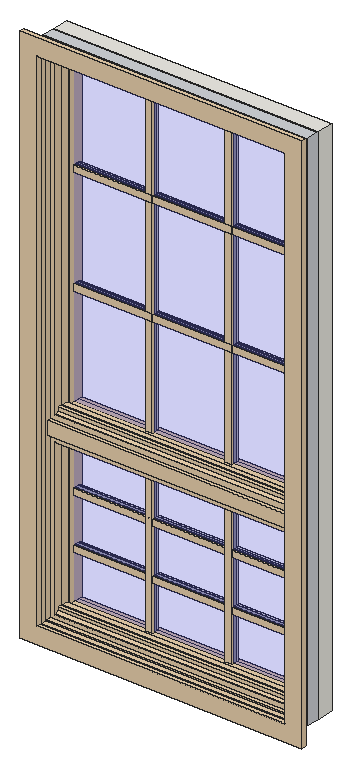
Revit family "1 Window-Awning-Andersen-400_Series_Stacked", category Windows, host Wall, Revit 2014
Parameters
  XPanelWidth = Width - 0' 0 31/32"  # 2' - 11 1/32"
  XPanelHeight = Height - if(AXW312 = 1, 3' 0 7/8", 2' 1 145/256")  # 3' - 10 15/256"
  XJoin = if(AXW312 = 1, 2' 11 25/32", 2' 0 15/32")  # 2' - 0 15/32"
  XBottomPanelHeight = if(AXW312 = 1, Height - 3' 0 7/8", 1' 11 15/32")  # 1' - 11 15/32"
  Visual Light Transmittance = 0.48  # constant formula
  Thermal Resistance (R) = 0.62871  # 3.5700 (h·ft²·°F)/BTU
  TFL = if(Fractional Lights High > 5, 3, if(or(Fractional Lights High = 4, Fractional Lights High = 5), 2, if(or(Fractional Lights High = 2, Fractional Lights High = 3), 1, 1)))  # 2
  TFB = TFL - 1  # 1
  Solar Heat Gain Coefficient = 0.21  # constant formula
  Learn About These Parameters = "http://www.andersenwindows.com/for-professionals/cad-symbols-bim-support-window-doors/bim-support"
  LWide = if(Enter Pattern Number = 3, 3, if(Enter Pattern Number = 1, . . Lights Wide, Fractional Lights Wide))  # 3
  Heat Transfer Coefficient (U) = 1.5899  # 0.2800 BTU/(h·ft²·°F)
  Glazing Material = Glass ‐ Andersen - Low-E4 SmartSun
  Fractional Lights Wide = 3
  Fractional Lights High = 5
  Exterior Unit Finish = Vinyl - Andersen - White
  Enter Jamb Condition = 1
  Analytic Construction = "<None>"
  AXW312 = 0
  ..Jamb Condition Number 1 = "Extension Jamb Only"  # constant formula
  ..Jamb Condition Number 2 = "Narrow Drywall Return"  # constant formula
  ..Jamb Condition Number 3 = "Wide Drywall Return"  # constant formula
  Available Grille Bar Sizes = "3/4'', 7/8'', 1 1/8'', 2 1/4''"  # constant formula
  Between Glass Grille Bar Sizes = "3/4'', 1''"  # constant formula
  Interior Casing = yes
  Grille Bar Size = 0' - 0 7/8"
  Enter Pattern Number = 1
  ..Pattern Number 1 = "Colonial"  # constant formula
  . . Lights Wide = 3
  . . Lights High = 3
  ..Pattern Number 2 = "Modified Colonial"  # constant formula
  ..Pattern Number 3 = "Prairie"  # constant formula
  ..Pattern Number 4 = "Short Fractional"  # constant formula
  ..Pattern Number 5 = "Tall Fractional"  # constant formula
  Extension Jamb = yes
  Enter Exterior Trim Number = 0
  ..Exterior Trim Number 0 = "No Exterior Trim"  # constant formula
  ..Exterior Trim Number 1 = "Brick Mould"  # constant formula
  ..Exterior Trim Number 2 = "3 1/2'' Flat Casing"  # constant formula
  ..Exterior Trim Number 3 = "4 1/2'' Flat Casing"  # constant formula
  Interior Grille Bar = yes
  Exterior Grille Bar = yes
  Between Glass Grille Bar = yes
  xjamb Visibility [instance] = and(and(Enter Jamb Condition = 1, Wall Depth > 0' 2 7/8"), Extension Jamb)  # yes
  xjamb S1 [instance] = if(Wall Depth > 0' 3", Wall Depth - 0' 2 27/32", 0' 3")  # 0' - 1 23/32"
  sill nose1 = 0' - 1 13/16"  # constant formula
  sill nose 2 = 0' - 1 15/16"  # constant formula
  casingS2 = if(Enter Exterior Trim Number = 1, 0' 0 3/16", 0' 0 3/16")  # 0' - 0 3/16"
  casingS1 = if(Enter Exterior Trim Number = 1, 0' 0 7/16", 0' 0 3/16")  # 0' - 0 3/16"
  casing4 = if(Enter Exterior Trim Number = 1, 0' 1 3/4", if(Enter Exterior Trim Number = 2, 0' 3 1/4", 0' 4 1/4"))  # 0' - 4 1/4"
  casing3 = 0' - 0 1/2"  # constant formula
  casing2 = 0' - 0 7/8"  # constant formula
  casing1 = 0' - 0 1/4"  # constant formula
  Xjamb 2 = if(or(Enter Jamb Condition = 2, Enter Jamb Condition = 3), 0' 0 1/32", 0' 0 1/2")  # 0' - 0 1/2"
  Xjamb 1 = if(or(Enter Jamb Condition = 2, Enter Jamb Condition = 3), 0' 0 5/8", 0' 1 3/32")  # 0' - 1 3/32"
  Wall Thickness [instance] = 0' - 6"
  Wall Depth [instance] = 0' - 4 9/16"
  Void Offset 2 = if(Enter Exterior Trim Number > 0, 0' 1 15/16", 0' 0")  # 0' - 0"
  Void Offset 1 = if(Enter Exterior Trim Number > 0, casing4, 0' 0")  # 0' - 0"
  Void Depth [instance] = if(Wall Thickness > Wall Depth, 0' 1" + Wall Thickness - Wall Depth, 0' 1")  # 0' - 2 7/16"
  VeriLock Sensor [instance] = no
  VGB DLO = if(Enter Pattern Number = 3, 0' 4", (H DLO - (Grille Bar Size * (V Bars))) / if(LWide > 2, LWide, 3))  # 0' - 9.91667"
  V Bars = if(Enter Pattern Number = 3, 2, if(LWide > 2, LWide - 1, 2))  # 2
  URL = "www.andersenwindows.com"
  Type Comments = "Vinyl-clad wood awning window"
  TS V DLO = Height - HGO - SGO  # 5' - 7"
  TS V Bar Length = if(or(Enter Pattern Number = 5, Enter Pattern Number = 2), ((((Height - HGO - SGO - (Grille Bar Size * (Fractional Lights High - 1))) / Fractional Lights High)) * TFL) + (TFB * Grille Bar Size), if(Enter Pattern Number = 4, ((Height - HGO - SGO - (Grille Bar Size * (Fractional Lights High - 1))) / Fractional Lights High), Height - HGO - SGO))  # 5' - 7"
  TS SH DLO = if(or(Enter Pattern Number = 5, Enter Pattern Number = 2), ((((Height - HGO - SGO - (Grille Bar Size * (Fractional Lights High - 1))) / Fractional Lights High)) * TFL) + (TFB * Grille Bar Size) + HGO + (Grille Bar Size / 2), if(Enter Pattern Number = 4, TS V Bar Length + HGO + (Grille Bar Size / 2), (TS V DLO / 2) + HGO))  # 2' - 11 7/8"
  TS S V = or(and(LWide = 2, Enter Pattern Number = 1), and(Fractional Lights Wide = 2, or(or(Enter Pattern Number = 2, Enter Pattern Number = 4), Enter Pattern Number = 5)))  # no
  TS S H Craftsman = and(Enter Pattern Number = 2, or(Fractional Lights High = 4, Fractional Lights High = 5))  # no
  TS S H = or(or(or(and(. . Lights High = 2, Enter Pattern Number = 1), and(Enter Pattern Number = 4, Fractional Lights High > 1)), and(Enter Pattern Number = 5, Fractional Lights High > 1)), and(Enter Pattern Number = 2, Fractional Lights High > 1))  # no
  TS M V = LWide > 2  # yes
  TS M H = or(or(Enter Pattern Number = 3, and(. . Lights High > 2, Enter Pattern Number = 1)), and(Enter Pattern Number = 2, Fractional Lights High > 5))  # yes
  TS HGB DLO = if(Enter Pattern Number = 1, if(. . Lights High > 2, ((TS V Bar Length - (Grille Bar Size * (. . Lights High - 1))) / . . Lights High), 0' 4"), if(Enter Pattern Number = 3, 0' 4", if(Fractional Lights High > 2, ((TS V Bar Length - (Grille Bar Size * 2)) / 3), 0' 4")))  # 1' - 9 3/4"
  TS H Bars = if(Enter Pattern Number = 3, 2, if(Enter Pattern Number = 1, if(. . Lights High > 2, . . Lights High - 1, 2), 2))  # 2
  Step Visibility = or(Enter Jamb Condition = 2, Enter Jamb Condition = 3)  # no
  Step Jamb2 = if(Enter Jamb Condition = 2, 0' 0 1/4", 0' 0 13/16")  # 0' - 0 13/16"
  Step Jamb1 = 0' - 1 1/8"  # constant formula
  Sill Stop Dim [instance] = 0' - 2 1/2"
  SGO = 0' - 2 1/4"  # constant formula
  Rough Width = Width + (Rough Opening Offset * 2)  # 3' - 0 1/2"
  Rough Opening Offset = 0' - 0 1/4"
  Rough Height = Height + (Rough Opening Offset * 2)  # 6' - 0 1/8"
  Push Out Stop Visibility [instance] = no
  Product Documentation Link = "https://www.andersenwindows.com/windows-and-doors/windows/awning-windows/400-series-awning-window/"
  Plan Exterior Mask Visibility [instance] = Plan Exterior Mask 2 > 0' 0 1/32"  # yes
  Plan Exterior Mask 2 [instance] = if(Enter Exterior Trim Number > 0, if(Wall Depth + 0' 1 1/16" + casingS1 > Wall Thickness, 0' 0 1/32", Wall Thickness - Wall Depth - 0' 1 1/16" - casingS1), if(Wall Depth + 0' 1 1/16" > Wall Thickness, 0' 0 1/32", Wall Thickness - Wall Depth - 0' 0 1/16"))  # 0' - 1 3/8"
  Plan Exterior Mask [instance] = if(Enter Exterior Trim Number > 0, 0' 1 1/16" + casingS1, 0' 1 1/16")  # 0' - 1 1/16"
  Nail Fin Visibility = Enter Exterior Trim Number = 0  # yes
  Model = "400-Series Awning"  # constant formula
  Masonry Width = if(Enter Exterior Trim Number > 0, Width + ((casing4 + Masonry Opening Offset) * 2), Width + (Masonry Opening Offset * 2))  # 3' - 0 1/2"
  Masonry Opening Offset = 0' - 0 1/4"
  Masonry Height = if(Enter Exterior Trim Number > 0, Height + (casing4 + Masonry Opening Offset) + (sill nose 2 + Masonry Opening Offset), Height + (Masonry Opening Offset * 2))  # 6' - 0 1/8"
  Manufacturer = "Andersen Corporation"  # constant formula
  JGO = 0' - 2 1/4"  # constant formula
  Interior Trim Visibility = and(Enter Jamb Condition = 1, Interior Casing)  # yes
  Interior Material = Wood - Andersen - Pine
  Interior Casing Size = 0' - 2 1/4"
  Horizontal Craftsman Bar Size = 0' - 0 7/8"
  Height = 5' - 11 5/8"
  Head Stop Dim [instance] = 0' - 2 17/64"
  HGO = 0' - 2 3/8"  # constant formula
  H DLO = Width - (JGO * 2)  # 2' - 7 1/2"
  Family Version = "01.01.19"  # constant formula
  Exterior Trim Finish = Fibrex Composite - Andersen - White
  Designation = "CMT"
  Description = "Vinyl-clad wood awning window"  # constant formula
  Default Sill Height = 6' 10 1/2" - Rough Height  # 0' - 10 3/8"
  Wall Closure = By host
  Width = 3' - 0"
  Crank Out Stop Visibility [instance] = yes
  Coarse Plan [instance] = if(Wall Depth < Wall Thickness, Wall Depth, Wall Thickness)  # 0' - 4 9/16"
  Casing Visibility = Enter Exterior Trim Number > 0  # no
  Between Glass Grille Bar Finish = Stainless Steel - Andersen - Standard
  Bar Center Line = if(Enter Pattern Number = 3, 1, 2)  # 2
  Assembly Code = "B2020100"
Reference planes (in)
  plane 1 "Center (Front/Back)": y = 0
  plane 2: z = 0
  plane 3 "Center (Left/Right)": x = 0
  plane 4 "R Frame": x = -18
  plane 5 "L Frame": x = 18
  plane 6 "B Frame": z = 10.625
  plane 7 "T Frame": z = 82.25
  plane 8 "L Glazing": x = 15.75
  plane 9 "L Ext Frame": x = 17.514
  plane 10 "L Stop": x = 16
  plane 11 "L Xjamb 1": x = 16.90625
  plane 12 "L Casing 1": x = 17.75
  plane 13 "L Xjamb 2": x = 17.5
  plane 14 "L Rough Opening": x = 18.25
  plane 15 "L Casing 2": x = 21.375
  plane 16 "L Casing 3": x = 21.75
  plane 17 "L Casing 4": x = 22.25
  plane 18 "R Glazing": x = -15.75
  plane 19 "R Ext Frame": x = -17.514
  plane 20 "R Stop": x = -16
  plane 21 "R Xjamb 1": x = -16.90625
  plane 22 "R Casing 1": x = -17.75
  plane 23 "R Xjamb 2": x = -17.5
  plane 24 "R Rough Opening": x = -18.25
  plane 25 "R Casing 2": x = -21.375
  plane 26 "R Casing 3": x = -21.75
  plane 27 "R Casing 4": x = -22.25
  plane 28 "R Int Casing": x = -19.15625
  plane 29 "T Ext Frame": z = 81.597
  plane 30 "T Xjamb 1": z = 81.15625
  plane 31 "T Casing 1": z = 82
  plane 32 "T Xjamb 2": z = 81.75
  plane 33 "T Rough Opening": z = 82.5
  plane 34 "T Casing 2": z = 85.625
  plane 35 "T Casing 3": z = 86
  plane 36 "T Casing 4": z = 86.5
  plane 37 "T Int Casing": z = 83.40625
  plane 38 "B Ext Frame": z = 11.18811
  plane 39 "B Xjamb 2": z = 11.125
  plane 40 "B Casing 1": z = 10.875
  plane 41 "B Casing 2": z = 8.6875
  plane 42 "B Int Casing": z = 9.36
  plane 43 "L Int Casing": x = 19.15625
  plane 44 "Casing S1": y = 3.062
  plane 45 "Casing S2": y = 3.062
  plane 46 "Frame S1": y = 2.8745
  plane 47 "Flange": y = 1.5625
  plane 48 "Sash1 S2": y = 0.5625
  plane 49 "Frame S2": y = -1.2855
  plane 50 "B Xjamb 1": z = 11.61
  plane 51 "Exterior Offset": y = 4
  plane 52 "Interior Casing": y = -3.625
  plane 53 "B Rough Opening": z = 10.375
  plane 54 "R Masonry Opening": x = -22.5
  plane 55 "L Masonry Opening": x = 22.5
  plane 56 "T Masonry Opening": z = 86.75
  plane 57 "B Masonry Opening": z = 8.4375
  plane 58 "Xjamb S1": y = -1.28125
  plane 59 "R Sash": x = -17.42
  plane 60 "L Sash": x = 17.42
  plane 61 "Stop S1": y = -1.4375
  plane 62 "T Sash": z = 81.5
  plane 63 "T Int Frame": z = 81.14
  plane 64 "B Int Frame": z = 11.61
  plane 65 "L Int Frame": x = 16.891
  plane 66 "R Int Frame": x = -16.891
  plane 67 "T Stop": z = 79.98437
  plane 68 "B Stop": z = 13.125
  plane 69 "Center of Intregal Mull": z = 35.09375
Forms (in)
  Extrusion 1, void
    sketch origin (0, 0, 0) x (1, 0, 0) y (0, 0, 1)
      loop
        line (18, 82.25) -> (-18, 82.25) -> (-18, 10.625) -> (18, 10.625) -> (18, 82.25)
    from -1.5625 to 3
  Extrusion 2, void
    sketch origin (0, 0, 0) x (1, 0, 0) y (0, 0, 1)
      loop
        line (18, 82.25) -> (-18, 82.25) -> (-18, 10.625) -> (18, 10.625) -> (18, 82.25)
    from -15 to -1.5625
  Extrusion 3, solid, material "Wood - Andersen - Pine" <- "Interior Material", visible <- "xjamb Visibility", detail levels medium+fine
    sketch origin (0, -2.5625, 0) x (-1, 0, 0) y (0, 0, 1)
      loop
        line (17.5, 81.75) -> (-17.5, 81.75) -> (-17.5, 11.125) -> (17.5, 11.125) -> (17.5, 81.75)
      loop
        line (16.90625, 81.15625) -> (-16.90625, 81.15625) -> (-16.90625, 11.61) -> (16.90625, 11.61) -> (16.90625, 81.15625)
    from 1.28125 to -0.4375
  Extrusion 4, solid, material "Wood - Andersen - Pine" <- "Interior Material", visible <- "Interior Trim Visibility", detail levels fine
    sketch origin (0, -3.625, 0) x (-1, 0, 0) y (0, 0, 1)
      loop
        line (19.15625, 83.40625) -> (-19.15625, 83.40625) -> (-19.15625, 9.36) -> (19.15625, 9.36) -> (19.15625, 83.40625)
      loop
        line (16.90625, 81.15625) -> (-16.90625, 81.15625) -> (-16.90625, 11.61) -> (16.90625, 11.61) -> (16.90625, 81.15625)
    from 0 to 0.625
  Extrusion 5, solid, material "Fibrex Composite - Andersen - White" <- "Exterior Trim Finish", visible <- "Casing Visibility", detail levels medium+fine
    sketch origin (0, 0, 0) x (0, 1, 0) y (0, 0, 1)
      loop
        line (2.31163, 10.625) -> (1.5625, 10.625) -> (1.5625, 8.6875) -> (3.375, 8.6875) -> (3.375, 10.4375) -> (2.31163, 10.625)
    from -22.25 to 22.25
  Sweep 6, solid, material "Fibrex Composite - Andersen - White" <- "Exterior Trim Finish", visible <- "Casing Visibility", detail levels medium+fine
    path origin (0, 1.5625, 0) x (-1, 0, 0) y (0, 0, 1)
      loop
        line (-22.25, 8.6875) -> (-22.25, 86.5) -> (22.25, 86.5) -> (22.25, 8.6875)
    profile origin (22.25, 1.5625, 47.59375) x (1, 0, 0) y (0, 1, 0)
      loop
        line (-0.875, 1.4995) -> (-4.5, 1.4995) -> (-4.5, 0) -> (0, 0) -> (0, 1.4995) -> (-0.5, 1.4995) -> (-0.875, 1.4995)
  Extrusion 7, solid, material "Fibrex Composite - Andersen - White" <- "Exterior Trim Finish", visible <- "Casing Visibility", detail levels coarse
    sketch origin (0, 1.5625, 0) x (-1, 0, 0) y (0, 0, 1)
      loop
        line (-22.25, 86.5) -> (-22.25, 8.6875) -> (22.25, 8.6875) -> (22.25, 86.5) -> (-22.25, 86.5)
      loop
        line (-17.75, 82) -> (-17.75, 10.625) -> (17.75, 10.625) -> (17.75, 82) -> (-17.75, 82)
    from 0 to 1.4995
  Extrusion 8, solid, material "Vinyl - Andersen - White" <- "Exterior Unit Finish"
    sketch origin (0, 0, 0) x (1, 0, 0) y (0, 0, 1)
      loop
        line (18, 82.25) -> (-18, 82.25) -> (-18, 10.625) -> (18, 10.625) -> (18, 82.25)
      loop
        line (17.514, 81.597) -> (-17.514, 81.597) -> (-17.514, 11.18811) -> (17.514, 11.18811) -> (17.514, 81.597)
    from -2.8745 to -0.5625
  Extrusion 9, solid
    sketch origin (0, 0, 0) x (1, 0, 0) y (0, 0, 1)
      loop
        line (18, 82.25) -> (-18, 82.25) -> (-18, 10.625) -> (18, 10.625) -> (18, 82.25)
      loop
        line (16.891, 81.14) -> (-16.891, 81.14) -> (-16.891, 11.61) -> (16.891, 11.61) -> (16.891, 81.14)
    from -0.5625 to 1.2855
  Extrusion 10, solid, material "Wood - Andersen - Pine" <- "Interior Material"
    sketch origin (0, 0, 0) x (0, 1, 0) y (0, 0, 1)
      loop
        line (-0.4375, 13.125) -> (-0.4375, 13.048) -> (-1.00544, 13.048) -> (-1.00544, 12.63716) -> (-1.2885, 12.297) -> (-1.4375, 12.297) -> (-1.4375, 11.61) -> (0.5625, 11.61) -> (0.5625, 12.845) -> (0.2955, 13.125) -> (-0.4375, 13.125)
    from -16.891 to 16.891
  Extrusion 11, solid, material "Wood - Andersen - Pine" <- "Interior Material"
    sketch origin (0, 0, 0) x (1, 0, 0) y (0, 1, 0)
      loop
        line (-16.891, -1.4375) -> (-16.188, -1.4375) -> (-16.188, -0.4375) -> (-16, -0.4375) -> (-16, 0.5625) -> (-16.891, 0.5625) -> (-16.891, -1.4375)
      loop
        line (16.891, -1.4375) -> (16.891, 0.5625) -> (16, 0.5625) -> (16, -0.4375) -> (16.188, -0.4375) -> (16.188, -1.4375) -> (16.891, -1.4375)
    from 11.61 to 81.14
  Sweep 12, solid, material "Wood - Andersen - Pine" <- "Interior Material"
    path origin (0, 1.5625, 0) x (-1, 0, 0) y (0, 0, 1)
      loop
        line (18, 10.625) -> (18, 82.25) -> (-18, 82.25) -> (-18, 10.625) -> (18, 10.625)
    profile origin (-18, 1.5625, 46.4375) x (1, 0, 0) y (0, 1, 0)
      loop
        line (0, -2.848) -> (0, -3.6605) -> (1.09375, -3.6605) -> (1.09375, -2.848) -> (0, -2.848)
  Extrusion 13, solid, material "Wood - Andersen - Pine" <- "Interior Material"
    sketch origin (0, 0, 0) x (0, 1, 0) y (0, 0, 1)
      loop
        line (-1.4375, 81.14) -> (-1.4375, 80.345) -> (-0.4375, 80.345) -> (-0.4375, 79.98437) -> (0.5625, 79.98437) -> (0.5625, 81.14) -> (-1.4375, 81.14)
    from -16.891 to 16.891
  Extrusion 14, solid, material "Wood - Andersen - Pine" <- "Interior Material"
    sketch origin (0, 24.89448, 9.18196) x (0, 1, 0) y (0, 0, 1)
      loop
        line (-24.33198, 23.8569) -> (-24.33198, 28.02015) -> (-24.62333, 28.32568) -> (-25.33198, 28.32568) -> (-25.33198, 28.24868) -> (-25.89992, 28.24868) -> (-25.89992, 27.83784) -> (-26.18298, 27.49768) -> (-26.33198, 27.49768) -> (-26.33198, 26.81068) -> (-26.84998, 26.81068) -> (-26.84998, 25.0129) -> (-26.33198, 25.0129) -> (-26.33198, 24.2179) -> (-25.33198, 24.2179) -> (-25.33198, 23.8569) -> (-24.33198, 23.8569)
    from -16.891 to 16.891
  Extrusion 15, solid, material "Vinyl - Andersen - White" <- "Exterior Unit Finish"
    sketch origin (0, 13.24461, -2.84881) x (0, 1, 0) y (0, 0, 1)
      loop
        line (-12.68211, 37.50067) -> (-10.60908, 37.50067) -> (-10.60908, 37.59056) -> (-10.37011, 37.59056) -> (-10.37011, 38.29456) -> (-10.60908, 38.29456) -> (-10.60908, 38.38445) -> (-12.68211, 38.38445) -> (-12.68211, 37.50067)
    from -17.514 to 17.514
Cuts and joins
  joined: Extrusion 5, Sweep 6
  joined: Extrusion 10, Extrusion 11, Sweep 12, Extrusion 13, Extrusion 14
  joined: Extrusion 8, Extrusion 15
Lines and regions (in)
  Masking region 1, detail levels medium+fine
    outline origin (0, 0, 11.18811) x (0, -1, 0) y (1, 0, 0)
      loop
        line (-2.8745, -18) -> (1.2855, -18) -> (1.2855, -16.891) -> (1.4375, -16.891) -> (1.4375, 16.891) -> (1.2855, 16.891) -> (1.2855, 18) -> (-2.8745, 18) -> (-2.8745, -18)
  Masking region 2, visible <- "Casing Visibility", detail levels medium+fine
    outline origin (0, 0, 10.625) x (0, -1, 0) y (1, 0, 0)
      loop
        line (-2.8745, -18) -> (-2.8745, 18) -> (-1.5625, 18) -> (-1.5625, 22.25) -> (-3.062, 22.25) -> (-3.062, -22.25) -> (-1.5625, -22.25) -> (-1.5625, -18) -> (-2.8745, -18)
  Masking region 3, visible <- "Nail Fin Visibility", detail levels coarse
    outline origin (0, 0, 10.625) x (0, -1, 0) y (1, 0, 0)
      loop
        line (-4, -18) -> (3, -18) -> (3, 18) -> (-4, 18) -> (-4, -18)
  Masking region 4
    outline origin (0, 0, 0) x (0, 1, 0) y (0, 0, 1)
      loop
        line (2.8745, 82.25) -> (-1.2855, 82.25) -> (-1.2855, 81.14) -> (-1.4375, 81.14) -> (-1.4375, 11.61) -> (-1.2855, 11.61) -> (-1.2855, 10.625) -> (2.8745, 10.625) -> (2.8745, 82.25)
  Masking region 5, visible <- "Casing Visibility"
    outline origin (0, 0, 0) x (0, 1, 0) y (0, 0, 1)
      loop
        line (2.8745, 10.52575) -> (2.8745, 10.625) -> (1.5625, 10.625) -> (1.5625, 8.6875) -> (3.375, 8.6875) -> (3.375, 10.4375) -> (2.8745, 10.52575)
  Masking region 6, visible <- "Casing Visibility"
    outline origin (0, 0, 0) x (0, 1, 0) y (0, 0, 1)
      loop
        line (2.8745, 82.25) -> (2.8745, 10.52575) -> (3.062, 10.49269) -> (3.062, 86.5) -> (1.5625, 86.5) -> (1.5625, 82.25) -> (2.8745, 82.25)
  Masking region 7, visible <- "Casing Visibility", detail levels coarse
    outline origin (0, 0, 10.625) x (0, -1, 0) y (1, 0, 0)
      loop
        line (-4, -22.25) -> (-1.5625, -22.25) -> (-1.5625, -18) -> (3, -18) -> (3, 18) -> (-1.5625, 18) -> (-1.5625, 22.25) -> (-4, 22.25) -> (-4, -22.25)
  Masking region 8, visible <- "Step Visibility", detail levels medium+fine
    outline origin (0, 0, 0) x (0, 1, 0) y (0, 0, 1)
      loop
        line (-1.28125, 82.25) -> (-2.098, 82.25) -> (-2.098, 10.625) -> (-1.28125, 10.625) -> (-1.28125, 11.61) -> (-1.4375, 11.61) -> (-1.4375, 81.14) -> (-1.28125, 81.14) -> (-1.28125, 82.25)
  Masking region 9, visible <- "xjamb Visibility", detail levels medium+fine
    outline origin (0, 0, 0) x (0, 1, 0) y (0, 0, 1)
      loop
        line (-1.28125, 81.75) -> (-3, 81.75) -> (-3, 11.125) -> (-1.28125, 11.125) -> (-1.28125, 11.61) -> (-1.4375, 11.61) -> (-1.4375, 81.14) -> (-1.28125, 81.14) -> (-1.28125, 81.75)
  Masking region 10, visible <- "Interior Trim Visibility", detail levels fine
    outline origin (0, 0, 0) x (0, 1, 0) y (0, 0, 1)
      loop
        line (-3, 83.40625) -> (-3.625, 83.40625) -> (-3.625, 9.36) -> (-3, 9.36) -> (-3, 83.40625)
  Masking region 11, visible <- "Step Visibility", detail levels medium+fine
    outline origin (0, 0, 10.625) x (0, -1, 0) y (1, 0, 0)
      loop
        line (1.28125, -18) -> (2.098, -18) -> (2.098, 18) -> (1.28125, 18) -> (1.28125, 16.891) -> (1.4375, 16.891) -> (1.4375, -16.891) -> (1.28125, -16.891) -> (1.28125, -18)
  Masking region 12, visible <- "xjamb Visibility", detail levels medium+fine
    outline origin (0, 0, 10.625) x (0, -1, 0) y (1, 0, 0)
      loop
        line (1.28125, -17.5) -> (3, -17.5) -> (3, 17.5) -> (1.28125, 17.5) -> (1.28125, 16.891) -> (1.4375, 16.891) -> (1.4375, -16.891) -> (1.28125, -16.891) -> (1.28125, -17.5)
  Masking region 13, visible <- "Interior Trim Visibility", detail levels fine
    outline origin (0, 0, 10.625) x (0, -1, 0) y (1, 0, 0)
      loop
        line (3, -19.15625) -> (3.625, -19.15625) -> (3.625, 19.15625) -> (3, 19.15625) -> (3, -19.15625)
  symbolic lines, style "WindowsFrameMullionProjection", visible <- "Casing Visibility", detail levels fine
    curve 1: line (21.75, 3.062, 10.625) -> (21.375, 3.062, 10.625)
    curve 2: line (21.375, 3.062, 10.625) -> (17.75, 3.062, 10.625)
    curve 3: line (17.75, 3.062, 10.625) -> (17.75, 2.8745, 10.625)
    curve 4: line (-21.75, 3.062, 10.625) -> (-21.375, 3.062, 10.625)
    curve 5: line (-21.375, 3.062, 10.625) -> (-17.75, 3.062, 10.625)
    curve 6: line (-17.75, 3.062, 10.625) -> (-17.75, 2.8745, 10.625)
  symbolic lines, style "WindowsFrameMullionProjection", detail levels medium
    curve 7: line (-17.514, 2.8745, 10.625) -> (-17.514, 0.5625, 10.625)
    curve 8: line (17.514, 2.8745, 10.625) -> (17.514, 0.5625, 10.625)
    curve 66: line (17.514, 0.5625, 0) -> (16, 0.5625, 0)
    curve 67: line (16, 0.5625, 0) -> (16, -1.4375, 0)
    curve 68: line (-17.514, 0.5625, 0) -> (-16, 0.5625, 0)
    curve 69: line (-16, 0.5625, 0) -> (-16, -1.4375, 0)
  symbolic lines, style "WindowsFrameMullionProjection", detail levels coarse
    curve 9: line (-16, -3, 10.625) -> (-16, 4, 10.625)
    curve 10: line (16, -3, 10.625) -> (16, 4, 10.625)
  symbolic lines, style "WindowsGlassProjection", detail levels coarse
    curve 11: line (-16, 0, 10.625) -> (16, 0, 10.625)
    curve 12: line (-16, 1, 10.625) -> (16, 1, 10.625)
  symbolic lines, style "WindowsFrameMullionProjection", visible <- "Casing Visibility"
    curve 13: line (0, 3.062, 86) -> (0, 3.062, 85.625)
    curve 14: line (0, 3.062, 85.625) -> (0, 3.062, 82)
    curve 15: line (0, 3.062, 82) -> (0, 2.8745, 82)
    curve 186: line (-22.25, 3.062, 10.625) -> (-22.25, 1.5625, 10.625)
    curve 188: line (22.25, 3.062, 10.625) -> (22.25, 1.5625, 10.625)
    curve 190: line (0, 3.062, 86.5) -> (0, 1.5625, 86.5)
    curve 192: line (0, 3.062, 8.6875) -> (0, 1.5625, 8.6875)
  symbolic lines, style "WindowsFrameMullionProjection", visible <- "Casing Visibility", detail levels medium
    curve 16: line (-18, 2.8745, 10.625) -> (-18, 3.062, 10.625)
    curve 17: line (18, 3.062, 10.625) -> (18, 2.8745, 10.625)
  symbolic lines, style "WindowsFrameMullionProjection", visible <- "Nail Fin Visibility", detail levels medium+fine
    curve 18: line (-18, 1.5625, 0) -> (-19.5, 1.5625, 0)
    curve 50: line (18, 1.5625, 0) -> (19.5, 1.5625, 0)
  symbolic lines, style "WindowsFrameMullionProjection", detail levels fine
    curve 19: line (-16.891, -1.4375, 0) -> (-16.891, 1.0895, 0)
    curve 20: line (-16, 0.5625, 0) -> (-16, -0.505, 0)
    curve 21: line (-17.19253, 1.0895, 0) -> (-17.31813, 1.9375, 0)
    curve 22: line (-17.03384, 1.3805, 0) -> (-17.03384, 2.0625, 0)
    curve 23: line (-17.34196, 2.0625, 0) -> (-17.42, 2.3755, 0)
    curve 24: line (-17.42, 2.3755, 0) -> (-17.42, 2.5625, 0)
    curve 25: line (-17.42, 2.5625, 0) -> (-16.42814, 2.5625, 0)
    curve 28: line (-16, 0.5625, 0) -> (-15.75, 1.2845, 0)
    curve 40: line (-16.375, 2.3125, 0) -> (-16.375, 1.2845, 0)
    curve 41: line (-16.01883, 2.3125, 0) -> (-15.75, 1.9105, 0)
    curve 46: line (-15.87475, 1.3805, 0) -> (-15.87475, 1.8145, 0)
    curve 51: line (16.891, -1.4375, 0) -> (16.891, 1.0895, 0)
    curve 52: line (16, 0.5625, 0) -> (16, -0.505, 0)
    curve 53: line (17.19253, 1.0895, 0) -> (17.31813, 1.9375, 0)
    curve 54: line (17.03384, 1.3805, 0) -> (17.03384, 2.0625, 0)
    curve 55: line (17.34196, 2.0625, 0) -> (17.42, 2.3755, 0)
    curve 56: line (17.42, 2.3755, 0) -> (17.42, 2.5625, 0)
    curve 57: line (17.42, 2.5625, 0) -> (16.42814, 2.5625, 0)
    curve 60: line (16, 0.5625, 0) -> (15.75, 1.2845, 0)
    curve 61: line (16.375, 2.3125, 0) -> (16.375, 1.2845, 0)
    curve 62: line (16.01883, 2.3125, 0) -> (15.75, 1.9105, 0)
    curve 65: line (15.87475, 1.3805, 0) -> (15.87475, 1.8145, 0)
    curve 84: line (0, 1.8145, 80.01044) -> (0, 1.3805, 80.01044)
    curve 92: line (-16, -0.505, 0) -> (-16.36, -0.505, 0)
    curve 93: line (-16.36, -0.505, 0) -> (-16.36, -1.4375, 0)
    curve 96: line (16, -0.505, 0) -> (16.36, -0.505, 0)
    curve 97: line (16.36, -0.505, 0) -> (16.36, -1.4375, 0)
    curve 111: line (-17.45476, 1.9375, 0) -> (-17.514, 2.3375, 0)
    curve 112: line (-17.31813, 1.9375, 0) -> (-17.45476, 1.9375, 0)
    curve 113: line (-16.6, 0.5625, 0) -> (-16.775, 1.3805, 0)
    curve 114: line (-16.375, 2.3125, 0) -> (-16.01883, 2.3125, 0)
    curve 115: line (-17.34196, 2.0625, 0) -> (-17.03384, 2.0625, 0)
    curve 116: line (-17.03384, 1.3805, 0) -> (-16.775, 1.3805, 0)
    curve 117: line (-16.891, 0.5625, 0) -> (-16, 0.5625, 0)
    curve 118: line (-17.19253, 1.0895, 0) -> (-16.891, 1.0895, 0)
    curve 127: line (17.45476, 1.9375, 0) -> (17.514, 2.3375, 0)
    curve 128: line (17.31813, 1.9375, 0) -> (17.45476, 1.9375, 0)
    curve 129: line (16.6, 0.5625, 0) -> (16.775, 1.3805, 0)
    curve 130: line (16.375, 2.3125, 0) -> (16.01883, 2.3125, 0)
    curve 131: line (17.34196, 2.0625, 0) -> (17.03384, 2.0625, 0)
    curve 132: line (17.03384, 1.3805, 0) -> (16.775, 1.3805, 0)
    curve 133: line (16.891, 0.5625, 0) -> (16, 0.5625, 0)
    curve 134: line (17.19253, 1.0895, 0) -> (16.891, 1.0895, 0)
    curve 135: line (-17.514, 2.3375, 0) -> (-17.514, 2.8745, 0)
    curve 137: line (17.514, 2.3375, 0) -> (17.514, 2.8745, 0)
    curve 138: line (-16.42814, 2.5625, 0) -> (-16.375, 2.3125, 0)
    curve 140: line (16.42814, 2.5625, 0) -> (16.375, 2.3125, 0)
    curve 165: line (0, 1.8145, 12.73956) -> (0, 1.3805, 12.73956)
    curve 273: line (0, 1.8145, 37.1222) -> (0, 1.3805, 37.1222)
    curve 308: line (0, 1.8145, 33.0653) -> (0, 1.3805, 33.0653)
  symbolic lines, style "WindowsGlassProjection", detail levels fine
    curve 26: line (-15.75, 1.9105, 0) -> (-16.375, 1.9105, 0)
    curve 27: line (-15.75, 1.2845, 0) -> (-16.375, 1.2845, 0)
    curve 44: line (-15.75, 1.8145, 0) -> (-16.375, 1.8145, 0)
    curve 45: line (-15.75, 1.3805, 0) -> (-16.375, 1.3805, 0)
    curve 58: line (15.75, 1.9105, 0) -> (16.375, 1.9105, 0)
    curve 59: line (15.75, 1.2845, 0) -> (16.375, 1.2845, 0)
    curve 63: line (15.75, 1.8145, 0) -> (16.375, 1.8145, 0)
    curve 64: line (15.75, 1.3805, 0) -> (16.375, 1.3805, 0)
    curve 82: line (0, 1.8145, 80.364) -> (0, 1.8145, 79.875)
    curve 83: line (0, 1.3805, 80.364) -> (0, 1.3805, 79.875)
    curve 163: line (0, 1.8145, 12.386) -> (0, 1.8145, 12.875)
    curve 164: line (0, 1.3805, 12.386) -> (0, 1.3805, 12.875)
    curve 271: line (0, 1.8145, 36.76864) -> (0, 1.8145, 37.25764)
    curve 272: line (0, 1.3805, 36.76864) -> (0, 1.3805, 37.25764)
    curve 306: line (0, 1.8145, 33.41886) -> (0, 1.8145, 32.92986)
    curve 307: line (0, 1.3805, 33.41886) -> (0, 1.3805, 32.92986)
  symbolic lines, style "WindowsFrameMullionProjection", visible <- "Nail Fin Visibility", not visible, detail levels medium+fine
    curve 29: line (-35.18862, 120.69666, 0) -> (-36.68862, 120.69666, 0)
  symbolic lines, style "WindowsFrameMullionProjection", not visible, detail levels fine
    curve 30: line (-34.07962, 117.69666, 0) -> (-34.07962, 120.22366, 0)
    curve 31: line (-33.18862, 119.69666, 0) -> (-33.18862, 118.62916, 0)
    curve 32: line (-34.38115, 120.22366, 0) -> (-34.50674, 121.07166, 0)
    curve 33: line (-34.22246, 120.51466, 0) -> (-34.22246, 121.19666, 0)
    curve 34: line (-34.53058, 121.19666, 0) -> (-34.60862, 121.50966, 0)
    curve 35: line (-34.60862, 121.50966, 0) -> (-34.60862, 121.69666, 0)
    curve 36: line (-34.60862, 121.69666, 0) -> (-33.61676, 121.69666, 0)
    curve 39: line (-33.18862, 119.69666, 0) -> (-32.93862, 120.41866, 0)
    curve 42: line (-33.56362, 121.44666, 0) -> (-33.56362, 120.41866, 0)
    curve 43: line (-33.20744, 121.44666, 0) -> (-32.93862, 121.04466, 0)
    curve 49: line (-33.06337, 120.51466, 0) -> (-33.06337, 120.94866, 0)
    curve 94: line (-33.18862, 118.62916, 0) -> (-33.54862, 118.62916, 0)
    curve 95: line (-33.54862, 118.62916, 0) -> (-33.54862, 117.69666, 0)
    curve 119: line (-34.64338, 121.07166, 0) -> (-34.70262, 121.47166, 0)
    curve 120: line (-34.50674, 121.07166, 0) -> (-34.64338, 121.07166, 0)
    curve 121: line (-33.78862, 119.69666, 0) -> (-33.96362, 120.51466, 0)
    curve 122: line (-33.56362, 121.44666, 0) -> (-33.20744, 121.44666, 0)
    curve 123: line (-34.53058, 121.19666, 0) -> (-34.22246, 121.19666, 0)
    curve 124: line (-34.22246, 120.51466, 0) -> (-33.96362, 120.51466, 0)
    curve 125: line (-34.07962, 119.69666, 0) -> (-33.18862, 119.69666, 0)
    curve 126: line (-34.38115, 120.22366, 0) -> (-34.07962, 120.22366, 0)
    curve 136: line (-34.70262, 121.47166, 0) -> (-34.70262, 122.00866, 0)
    curve 139: line (-33.61676, 121.69666, 0) -> (-33.56362, 121.44666, 0)
    curve 209: line (0, 1.8145, 48.36456) -> (0, 1.3805, 48.36456)
    curve 244: line (0, 1.8145, 80.01044) -> (0, 1.3805, 80.01044)
    curve 341: line (0, 57.53973, 73.62135) -> (0, 57.10573, 73.62135)
    curve 376: line (0, 57.53973, 69.56446) -> (0, 57.10573, 69.56446)
  symbolic lines, style "WindowsGlassProjection", not visible, detail levels fine
    curve 37: line (-32.93862, 121.04466, 0) -> (-33.56362, 121.04466, 0)
    curve 38: line (-32.93862, 120.41866, 0) -> (-33.56362, 120.41866, 0)
    curve 47: line (-32.93862, 120.94866, 0) -> (-33.56362, 120.94866, 0)
    curve 48: line (-32.93862, 120.51466, 0) -> (-33.56362, 120.51466, 0)
    curve 207: line (0, 1.8145, 48.011) -> (0, 1.8145, 48.5)
    curve 208: line (0, 1.3805, 48.011) -> (0, 1.3805, 48.5)
    curve 242: line (0, 1.8145, 80.364) -> (0, 1.8145, 79.875)
    curve 243: line (0, 1.3805, 80.364) -> (0, 1.3805, 79.875)
    curve 339: line (0, 57.53973, 73.26779) -> (0, 57.53973, 73.75679)
    curve 340: line (0, 57.10573, 73.26779) -> (0, 57.10573, 73.75679)
    curve 374: line (0, 57.53973, 69.91801) -> (0, 57.53973, 69.42901)
    curve 375: line (0, 57.10573, 69.91801) -> (0, 57.10573, 69.42901)
  symbolic lines, style "WindowsFrameMullionProjection"
    curve 70: line (0, 1.1115, 81.597) -> (0, 2.63553, 81.597)
    curve 71: line (0, 1.1115, 80.89) -> (0, 1.1115, 81.597)
    curve 72: line (0, -1.4375, 81.14) -> (0, -1.0925, 81.14)
    curve 73: line (0, 0.5625, 79.984) -> (0, -0.4375, 79.984)
    curve 74: line (0, 2.0625, 81.064) -> (0, 1.2185, 81.064)
    curve 75: line (0, 0.5625, 80.89) -> (0, 0.5625, 79.984)
    curve 76: line (0, 1.2845, 80.364) -> (0, 2.2815, 80.364)
    curve 78: line (0, 2.5625, 80.417) -> (0, 2.5625, 81.501)
    curve 79: line (0, 2.5625, 81.501) -> (0, 2.3755, 81.501)
    curve 80: line (0, 2.0625, 81.345) -> (0, 2.0625, 81.064)
    curve 81: line (0, 1.2845, 79.875) -> (0, 0.5625, 80.065)
    curve 85: line (0, 2.2815, 80.364) -> (0, 2.2815, 80.13145)
    curve 86: line (0, 2.2815, 80.13145) -> (0, 1.9105, 79.8812)
    curve 141: line (0, 2.5625, 80.417) -> (0, 2.2815, 80.364)
    curve 142: line (0, 2.3755, 81.501) -> (0, 2.0625, 81.345)
    curve 143: line (0, 1.2185, 81.064) -> (0, 1.2185, 80.8018)
    curve 144: line (0, 1.2185, 80.8018) -> (0, 0.5625, 80.673)
    curve 145: line (0, 2.63553, 81.68689) -> (0, 2.8745, 81.68689)
    curve 146: line (0, 2.63553, 81.68689) -> (0, 2.63553, 81.597)
    curve 147: line (0, 1.1115, 80.89) -> (0, -1.0925, 80.89)
    curve 148: line (0, -1.0925, 81.14) -> (0, -1.0925, 80.89)
    curve 149: line (0, -0.4375, 80.345) -> (0, -0.4375, 79.984)
    curve 150: line (0, -0.4375, 80.345) -> (0, -1.4375, 80.345)
    curve 151: line (0, 1.1115, 11.153) -> (0, 2.63553, 11.153)
    curve 152: line (0, 1.1115, 11.86) -> (0, 1.1115, 11.153)
    curve 153: line (0, -1.4375, 11.61) -> (0, -1.0925, 11.61)
    curve 154: line (0, -1.00544, 13.048) -> (0, -1.00544, 12.63716)
    curve 155: line (0, 2.0625, 11.686) -> (0, 1.2185, 11.686)
    curve 156: line (0, 0.5625, 12.077) -> (0, 0.5625, 12.845)
    curve 157: line (0, 1.2845, 12.386) -> (0, 2.2815, 12.386)
    curve 159: line (0, 2.5625, 12.333) -> (0, 2.5625, 11.249)
    curve 160: line (0, 2.5625, 11.249) -> (0, 2.3755, 11.249)
    curve 161: line (0, 2.0625, 11.405) -> (0, 2.0625, 11.686)
    curve 162: line (0, 1.2845, 12.875) -> (0, 0.5625, 12.75)
    curve 166: line (0, 2.2815, 12.386) -> (0, 2.2815, 12.61855)
    curve 167: line (0, 2.2815, 12.61855) -> (0, 1.9105, 12.8688)
    curve 169: line (0, 2.5625, 12.333) -> (0, 2.2815, 12.386)
    curve 170: line (0, 2.3755, 11.249) -> (0, 2.0625, 11.405)
    curve 171: line (0, 1.2185, 11.686) -> (0, 1.2185, 11.9482)
    curve 172: line (0, 1.2185, 11.9482) -> (0, 0.5625, 12.077)
    curve 173: line (0, 2.63553, 11.06311) -> (0, 2.8745, 11.06311)
    curve 174: line (0, 2.63553, 11.06311) -> (0, 2.63553, 11.153)
    curve 175: line (0, 1.1115, 11.86) -> (0, -1.0925, 11.86)
    curve 176: line (0, -1.0925, 11.61) -> (0, -1.0925, 11.86)
    curve 177: line (0, -1.2885, 12.297) -> (0, -1.00544, 12.63716)
    curve 178: line (0, -1.2885, 12.297) -> (0, -1.4375, 12.297)
    curve 179: line (0, -1.00544, 13.048) -> (0, -0.4375, 13.048)
    curve 180: line (0, -0.4375, 13.048) -> (0, -0.4375, 13.125)
    curve 181: line (0, 0.2955, 13.125) -> (0, -0.4375, 13.125)
    curve 182: line (0, 0.5625, 12.845) -> (0, 0.2955, 13.125)
    curve 183: line (0, 0.5625, 12.752) -> (0, -0.4845, 12.752)
    curve 184: line (0, -0.7345, 12.564) -> (0, -0.7345, 11.86)
    curve 185: line (0, -0.7345, 12.564) -> (0, -0.4845, 12.752)
    curve 187: line (-18, 1.5625, 10.625) -> (-18, -1.2855, 10.625)
    curve 189: line (18, 1.5625, 10.625) -> (18, -1.2855, 10.625)
    curve 191: line (0, 2.8745, 82.25) -> (0, -1.2855, 82.25)
    curve 193: line (0, 2.8745, 10.625) -> (0, -1.2855, 10.625)
    curve 259: line (0, 1.1115, 35.53564) -> (0, 2.63553, 35.53564)
    curve 260: line (0, 1.1115, 36.24264) -> (0, 1.1115, 35.53564)
    curve 261: line (0, -1.9555, 35.99264) -> (0, -1.0925, 35.99264)
    curve 262: line (0, -1.00544, 37.43064) -> (0, -1.00544, 37.0198)
    curve 263: line (0, 2.0625, 36.06864) -> (0, 1.2185, 36.06864)
    curve 264: line (0, 0.5625, 36.45964) -> (0, 0.5625, 37.22764)
    curve 265: line (0, 1.2845, 36.76864) -> (0, 2.2815, 36.76864)
    curve 267: line (0, 2.5625, 36.71564) -> (0, 2.5625, 35.63164)
    curve 268: line (0, 2.5625, 35.63164) -> (0, 2.3755, 35.63164)
    curve 269: line (0, 2.0625, 35.78764) -> (0, 2.0625, 36.06864)
    curve 270: line (0, 1.2845, 37.25764) -> (0, 0.5625, 37.13264)
    curve 274: line (0, 2.2815, 36.76864) -> (0, 2.2815, 37.0012)
    curve 275: line (0, 2.2815, 37.0012) -> (0, 1.9105, 37.25144)
    curve 277: line (0, 2.5625, 36.71564) -> (0, 2.2815, 36.76864)
    curve 278: line (0, 2.3755, 35.63164) -> (0, 2.0625, 35.78764)
    curve 279: line (0, 1.2185, 36.06864) -> (0, 1.2185, 36.33084)
    curve 280: line (0, 1.2185, 36.33084) -> (0, 0.5625, 36.45964)
    curve 281: line (0, 2.63553, 35.44575) -> (0, 2.8745, 35.44575)
    curve 282: line (0, 2.63553, 35.44575) -> (0, 2.63553, 35.53564)
    curve 283: line (0, 1.1115, 36.24264) -> (0, -1.0925, 36.24264)
    curve 284: line (0, -1.0925, 35.99264) -> (0, -1.0925, 36.24264)
    curve 285: line (0, -1.2885, 36.67964) -> (0, -1.00544, 37.0198)
    curve 286: line (0, -1.2885, 36.67964) -> (0, -1.4375, 36.67964)
    curve 287: line (0, -1.00544, 37.43064) -> (0, -0.4375, 37.43064)
    curve 288: line (0, -0.4375, 37.43064) -> (0, -0.4375, 37.50764)
    curve 289: line (0, 0.2955, 37.50764) -> (0, -0.4375, 37.50764)
    curve 290: line (0, 0.5625, 37.22764) -> (0, 0.2955, 37.50764)
    curve 291: line (0, 0.5625, 37.13464) -> (0, -0.4845, 37.13464)
    curve 292: line (0, -0.7345, 36.94664) -> (0, -0.7345, 36.24264)
    curve 293: line (0, -0.7345, 36.94664) -> (0, -0.4845, 37.13464)
    curve 294: line (0, 1.1115, 34.65186) -> (0, 2.63553, 34.65186)
    curve 295: line (0, 1.1115, 33.94486) -> (0, 1.1115, 34.65186)
    curve 296: line (0, -1.9555, 34.19486) -> (0, -1.0925, 34.19486)
    curve 297: line (0, 0.5625, 33.03886) -> (0, -0.4375, 33.03886)
    curve 298: line (0, 2.0625, 34.11886) -> (0, 1.2185, 34.11886)
    curve 299: line (0, 0.5625, 33.94486) -> (0, 0.5625, 33.03886)
    curve 300: line (0, 1.2845, 33.41886) -> (0, 2.2815, 33.41886)
    curve 302: line (0, 2.5625, 33.47186) -> (0, 2.5625, 34.55586)
    curve 303: line (0, 2.5625, 34.55586) -> (0, 2.3755, 34.55586)
    curve 304: line (0, 2.0625, 34.39986) -> (0, 2.0625, 34.11886)
    curve 305: line (0, 1.2845, 32.92986) -> (0, 0.5625, 33.11986)
    curve 309: line (0, 2.2815, 33.41886) -> (0, 2.2815, 33.1863)
    curve 310: line (0, 2.2815, 33.1863) -> (0, 1.9105, 32.93606)
    curve 312: line (0, 2.5625, 33.47186) -> (0, 2.2815, 33.41886)
    curve 313: line (0, 2.3755, 34.55586) -> (0, 2.0625, 34.39986)
    curve 314: line (0, 1.2185, 34.11886) -> (0, 1.2185, 33.85666)
    curve 315: line (0, 1.2185, 33.85666) -> (0, 0.5625, 33.72786)
    curve 316: line (0, 2.63553, 34.74175) -> (0, 2.8745, 34.74175)
    curve 317: line (0, 2.63553, 34.74175) -> (0, 2.63553, 34.65186)
    curve 318: line (0, 1.1115, 33.94486) -> (0, -1.0925, 33.94486)
    curve 319: line (0, -1.0925, 34.19486) -> (0, -1.0925, 33.94486)
    curve 320: line (0, -0.4375, 33.39986) -> (0, -0.4375, 33.03886)
    curve 321: line (0, -0.4375, 33.39986) -> (0, -1.4375, 33.39986)
    curve 322: line (0, 2.8745, 34.74175) -> (0, 2.8745, 35.44575)
    curve 323: line (0, -1.4375, 33.39986) -> (0, -1.4375, 34.19486)
    curve 324: line (0, -1.4375, 35.99264) -> (0, -1.4375, 36.67964)
    curve 325: line (0, -1.9555, 34.19486) -> (0, -1.9555, 35.99264)
    curve 326: line (0, -1.268, 34.19486) -> (0, -1.268, 35.99264)
  symbolic lines, style "WindowsGlassProjection"
    curve 77: line (0, 1.2845, 79.875) -> (0, 1.2845, 80.364)
    curve 87: line (0, 1.9105, 79.8812) -> (0, 1.9105, 80.364)
    curve 158: line (0, 1.2845, 12.875) -> (0, 1.2845, 12.386)
    curve 168: line (0, 1.9105, 12.8688) -> (0, 1.9105, 12.386)
    curve 266: line (0, 1.2845, 37.25764) -> (0, 1.2845, 36.76864)
    curve 276: line (0, 1.9105, 37.25144) -> (0, 1.9105, 36.76864)
    curve 301: line (0, 1.2845, 32.92986) -> (0, 1.2845, 33.41886)
    curve 311: line (0, 1.9105, 32.93606) -> (0, 1.9105, 33.41886)
  symbolic lines, style "WindowsFrameMullionProjection", visible <- "Nail Fin Visibility"
    curve 88: line (0, 1.5625, 83.875) -> (0, 1.5625, 82.25)
    curve 89: line (0, 1.5625, 10.625) -> (0, 1.5625, 9)
  symbolic lines, style "Elevation Swing"
    curve 90: line (-0.00163, 0, 34.65234) -> (-17.42, 0, 11.18811)
    curve 91: line (-0.00163, 0, 34.65234) -> (17.42, 0, 11.37475)
    curve 395: line (0, 0, 81.39957) -> (17.42, 0, 35.53564)
    curve 396: line (0, 0, 81.39957) -> (17.42, 0, 35.53564)
    curve 397: line (0, 0, 81.39957) -> (-17.42, 0, 35.53564)
  symbolic lines, style "InvisibleLines", detail levels coarse
    curve 98: line (-18, -3, 0) -> (18, -3, 0)
  symbolic lines, style "WindowsFrameMullionProjection", visible <- "Step Visibility", detail levels medium+fine
    curve 99: line (0, -1.28125, 81.14) -> (0, -2.098, 81.14)
    curve 102: line (0, -1.28125, 11.61) -> (0, -2.098, 11.61)
    curve 105: line (-16.891, -1.28125, 10.625) -> (-16.891, -2.098, 10.625)
    curve 108: line (16.891, -1.28125, 10.625) -> (16.891, -2.098, 10.625)
  symbolic lines, style "WindowsFrameMullionProjection", visible <- "xjamb Visibility", detail levels medium+fine
    curve 100: line (0, -1.28125, 81.15625) -> (0, -3, 81.15625)
    curve 103: line (0, -1.28125, 11.61) -> (0, -3, 11.61)
    curve 106: line (-16.90625, -1.28125, 10.625) -> (-16.90625, -3, 10.625)
    curve 109: line (16.90625, -1.28125, 10.625) -> (16.90625, -3, 10.625)
  symbolic lines, style "WindowsFrameMullionProjection", visible <- "Interior Trim Visibility", detail levels fine
    curve 101: line (0, -3, 81.15625) -> (0, -3.625, 81.15625)
    curve 104: line (0, -3, 11.61) -> (0, -3.625, 11.61)
    curve 107: line (-16.90625, -3, 10.625) -> (-16.90625, -3.625, 10.625)
    curve 110: line (16.90625, -3, 10.625) -> (16.90625, -3.625, 10.625)
  symbolic lines, style "WindowsFrameMullionProjection", visible <- "Nail Fin Visibility", not visible
    curve 194: line (0, 1.5625, 46.25) -> (0, 1.5625, 44.625)
    curve 248: line (0, 1.5625, 83.875) -> (0, 1.5625, 82.25)
  symbolic lines, style "WindowsFrameMullionProjection", not visible
    curve 195: line (0, 1.1115, 46.778) -> (0, 2.63553, 46.778)
    curve 196: line (0, 1.1115, 47.485) -> (0, 1.1115, 46.778)
    curve 197: line (0, -1.4375, 47.235) -> (0, -1.0925, 47.235)
    curve 198: line (0, -1.00544, 48.673) -> (0, -1.00544, 48.26216)
    curve 199: line (0, 2.0625, 47.311) -> (0, 1.2185, 47.311)
    curve 200: line (0, 0.5625, 47.702) -> (0, 0.5625, 48.47)
    curve 201: line (0, 1.2845, 48.011) -> (0, 2.2815, 48.011)
    curve 203: line (0, 2.5625, 47.958) -> (0, 2.5625, 46.874)
    curve 204: line (0, 2.5625, 46.874) -> (0, 2.3755, 46.874)
    curve 205: line (0, 2.0625, 47.03) -> (0, 2.0625, 47.311)
    curve 206: line (0, 1.2845, 48.5) -> (0, 0.5625, 48.375)
    curve 210: line (0, 2.2815, 48.011) -> (0, 2.2815, 48.24355)
    curve 211: line (0, 2.2815, 48.24355) -> (0, 1.9105, 48.4938)
    curve 213: line (0, 2.5625, 47.958) -> (0, 2.2815, 48.011)
    curve 214: line (0, 2.3755, 46.874) -> (0, 2.0625, 47.03)
    curve 215: line (0, 1.2185, 47.311) -> (0, 1.2185, 47.5732)
    curve 216: line (0, 1.2185, 47.5732) -> (0, 0.5625, 47.702)
    curve 217: line (0, 2.63553, 46.68811) -> (0, 2.8745, 46.68811)
    curve 218: line (0, 2.63553, 46.68811) -> (0, 2.63553, 46.778)
    curve 219: line (0, 1.1115, 47.485) -> (0, -1.0925, 47.485)
    curve 220: line (0, -1.0925, 47.235) -> (0, -1.0925, 47.485)
    curve 221: line (0, -1.2885, 47.922) -> (0, -1.00544, 48.26216)
    curve 222: line (0, -1.2885, 47.922) -> (0, -1.4375, 47.922)
    curve 223: line (0, -1.00544, 48.673) -> (0, -0.4375, 48.673)
    curve 224: line (0, -0.4375, 48.673) -> (0, -0.4375, 48.75)
    curve 225: line (0, 0.2955, 48.75) -> (0, -0.4375, 48.75)
    curve 226: line (0, 0.5625, 48.47) -> (0, 0.2955, 48.75)
    curve 227: line (0, 0.5625, 48.377) -> (0, -0.4845, 48.377)
    curve 228: line (0, -0.7345, 48.189) -> (0, -0.7345, 47.485)
    curve 229: line (0, -0.7345, 48.189) -> (0, -0.4845, 48.377)
    curve 230: line (0, 1.1115, 81.597) -> (0, 2.63553, 81.597)
    curve 231: line (0, 1.1115, 80.89) -> (0, 1.1115, 81.597)
    curve 232: line (0, -1.4375, 81.14) -> (0, -1.0925, 81.14)
    curve 233: line (0, 0.5625, 79.984) -> (0, -0.4375, 79.984)
    curve 234: line (0, 2.0625, 81.064) -> (0, 1.2185, 81.064)
    curve 235: line (0, 0.5625, 80.89) -> (0, 0.5625, 79.984)
    curve 236: line (0, 1.2845, 80.364) -> (0, 2.2815, 80.364)
    curve 238: line (0, 2.5625, 80.417) -> (0, 2.5625, 81.501)
    curve 239: line (0, 2.5625, 81.501) -> (0, 2.3755, 81.501)
    curve 240: line (0, 2.0625, 81.345) -> (0, 2.0625, 81.064)
    curve 241: line (0, 1.2845, 79.875) -> (0, 0.5625, 80.065)
    curve 245: line (0, 2.2815, 80.364) -> (0, 2.2815, 80.13145)
    curve 246: line (0, 2.2815, 80.13145) -> (0, 1.9105, 79.8812)
    curve 249: line (0, 2.5625, 80.417) -> (0, 2.2815, 80.364)
    curve 250: line (0, 2.3755, 81.501) -> (0, 2.0625, 81.345)
    curve 251: line (0, 1.2185, 81.064) -> (0, 1.2185, 80.8018)
    curve 252: line (0, 1.2185, 80.8018) -> (0, 0.5625, 80.673)
    curve 253: line (0, 2.63553, 81.68689) -> (0, 2.8745, 81.68689)
    curve 254: line (0, 2.63553, 81.68689) -> (0, 2.63553, 81.597)
    curve 255: line (0, 1.1115, 80.89) -> (0, -1.0925, 80.89)
    curve 256: line (0, -1.0925, 81.14) -> (0, -1.0925, 80.89)
    curve 257: line (0, -0.4375, 80.345) -> (0, -0.4375, 79.984)
    curve 258: line (0, -0.4375, 80.345) -> (0, -1.4375, 80.345)
    curve 327: line (0, 56.83673, 72.03479) -> (0, 58.36076, 72.03479)
    curve 328: line (0, 56.83673, 72.74179) -> (0, 56.83673, 72.03479)
    curve 329: line (0, 53.76973, 72.49179) -> (0, 54.63273, 72.49179)
    curve 330: line (0, 54.7198, 73.92979) -> (0, 54.7198, 73.51895)
    curve 331: line (0, 57.78773, 72.56779) -> (0, 56.94373, 72.56779)
    curve 332: line (0, 56.28773, 72.95879) -> (0, 56.28773, 73.72679)
    curve 333: line (0, 57.00973, 73.26779) -> (0, 58.00673, 73.26779)
    curve 335: line (0, 58.28773, 73.21479) -> (0, 58.28773, 72.13079)
    curve 336: line (0, 58.28773, 72.13079) -> (0, 58.10073, 72.13079)
    curve 337: line (0, 57.78773, 72.28679) -> (0, 57.78773, 72.56779)
    curve 338: line (0, 57.00973, 73.75679) -> (0, 56.28773, 73.63179)
    curve 342: line (0, 58.00673, 73.26779) -> (0, 58.00673, 73.50035)
    curve 343: line (0, 58.00673, 73.50035) -> (0, 57.63573, 73.75059)
    curve 345: line (0, 58.28773, 73.21479) -> (0, 58.00673, 73.26779)
    curve 346: line (0, 58.10073, 72.13079) -> (0, 57.78773, 72.28679)
    curve 347: line (0, 56.94373, 72.56779) -> (0, 56.94373, 72.82999)
    curve 348: line (0, 56.94373, 72.82999) -> (0, 56.28773, 72.95879)
    curve 349: line (0, 58.36076, 71.9449) -> (0, 58.59973, 71.9449)
    curve 350: line (0, 58.36076, 71.9449) -> (0, 58.36076, 72.03479)
    curve 351: line (0, 56.83673, 72.74179) -> (0, 54.63273, 72.74179)
    curve 352: line (0, 54.63273, 72.49179) -> (0, 54.63273, 72.74179)
    curve 353: line (0, 54.43673, 73.17879) -> (0, 54.7198, 73.51895)
    curve 354: line (0, 54.43673, 73.17879) -> (0, 54.28773, 73.17879)
    curve 355: line (0, 54.7198, 73.92979) -> (0, 55.28773, 73.92979)
    curve 356: line (0, 55.28773, 73.92979) -> (0, 55.28773, 74.00679)
    curve 357: line (0, 56.02073, 74.00679) -> (0, 55.28773, 74.00679)
    curve 358: line (0, 56.28773, 73.72679) -> (0, 56.02073, 74.00679)
    curve 359: line (0, 56.28773, 73.63379) -> (0, 55.24073, 73.63379)
    curve 360: line (0, 54.99073, 73.44579) -> (0, 54.99073, 72.74179)
    curve 361: line (0, 54.99073, 73.44579) -> (0, 55.24073, 73.63379)
    curve 362: line (0, 56.83673, 71.15101) -> (0, 58.36076, 71.15101)
    curve 363: line (0, 56.83673, 70.44401) -> (0, 56.83673, 71.15101)
    curve 364: line (0, 53.76973, 70.69401) -> (0, 54.63273, 70.69401)
    curve 365: line (0, 56.28773, 69.53801) -> (0, 55.28773, 69.53801)
    curve 366: line (0, 57.78773, 70.61801) -> (0, 56.94373, 70.61801)
    curve 367: line (0, 56.28773, 70.44401) -> (0, 56.28773, 69.53801)
    curve 368: line (0, 57.00973, 69.91801) -> (0, 58.00673, 69.91801)
    curve 370: line (0, 58.28773, 69.97101) -> (0, 58.28773, 71.05501)
    curve 371: line (0, 58.28773, 71.05501) -> (0, 58.10073, 71.05501)
    curve 372: line (0, 57.78773, 70.89901) -> (0, 57.78773, 70.61801)
    curve 373: line (0, 57.00973, 69.42901) -> (0, 56.28773, 69.61901)
    curve 377: line (0, 58.00673, 69.91801) -> (0, 58.00673, 69.68546)
    curve 378: line (0, 58.00673, 69.68546) -> (0, 57.63573, 69.43521)
    curve 380: line (0, 58.28773, 69.97101) -> (0, 58.00673, 69.91801)
    curve 381: line (0, 58.10073, 71.05501) -> (0, 57.78773, 70.89901)
    curve 382: line (0, 56.94373, 70.61801) -> (0, 56.94373, 70.35581)
    curve 383: line (0, 56.94373, 70.35581) -> (0, 56.28773, 70.22701)
    curve 384: line (0, 58.36076, 71.2409) -> (0, 58.59973, 71.2409)
    curve 385: line (0, 58.36076, 71.2409) -> (0, 58.36076, 71.15101)
    curve 386: line (0, 56.83673, 70.44401) -> (0, 54.63273, 70.44401)
    curve 387: line (0, 54.63273, 70.69401) -> (0, 54.63273, 70.44401)
    curve 388: line (0, 55.28773, 69.89901) -> (0, 55.28773, 69.53801)
    curve 389: line (0, 55.28773, 69.89901) -> (0, 54.28773, 69.89901)
    curve 390: line (0, 58.59973, 71.2409) -> (0, 58.59973, 71.9449)
    curve 391: line (0, 54.28773, 69.89901) -> (0, 54.28773, 70.69401)
    curve 392: line (0, 54.28773, 72.49179) -> (0, 54.28773, 73.17879)
    curve 393: line (0, 53.76973, 70.69401) -> (0, 53.76973, 72.49179)
    curve 394: line (0, 54.45723, 70.69401) -> (0, 54.45723, 72.49179)
  symbolic lines, style "WindowsGlassProjection", not visible
    curve 202: line (0, 1.2845, 48.5) -> (0, 1.2845, 48.011)
    curve 212: line (0, 1.9105, 48.4938) -> (0, 1.9105, 48.011)
    curve 237: line (0, 1.2845, 79.875) -> (0, 1.2845, 80.364)
    curve 247: line (0, 1.9105, 79.8812) -> (0, 1.9105, 80.364)
    curve 334: line (0, 57.00973, 73.75679) -> (0, 57.00973, 73.26779)
    curve 344: line (0, 57.63573, 73.75059) -> (0, 57.63573, 73.26779)
    curve 369: line (0, 57.00973, 69.42901) -> (0, 57.00973, 69.91801)
    curve 379: line (0, 57.63573, 69.43521) -> (0, 57.63573, 69.91801)
Text (in)
  text "EXTERIOR" at (-58.6888, 50.90694, 0), in view "Ref. Level"
  text "INTERIOR" at (-58.6888, -37.76638, 0), in view "Ref. Level"
  text "Exterior" at (0, 43.65631, 123.19604), in view "Left"
  text "Exterior" at (0, 18.29385, 125.04747), in view "Right"
Dimensions and locks (in)
  equal spacing: plane 4 "R Frame", plane 3 "Center (Left/Right)", plane 5 "L Frame"
  "Width": plane 4 "R Frame" to plane 5 "L Frame"
  "Height": plane 6 "B Frame" to plane 7 "T Frame"
  locked: plane 46 "Frame S1" to plane 47 "Flange" at 1.312
  locked: plane 47 "Flange" to plane 48 "Sash1 S2" at 1
  locked: plane 47 "Flange" to plane 49 "Frame S2" at 2.848
  "casingS2": plane 45 "Casing S2" to plane 46 "Frame S1"
  "casingS1": plane 44 "Casing S1" to plane 46 "Frame S1"
  "Xjamb 2": plane 32 "T Xjamb 2" to plane 7 "T Frame"
  "casing1": plane 31 "T Casing 1" to plane 7 "T Frame"
  "Xjamb 1": plane 30 "T Xjamb 1" to plane 7 "T Frame"
  plane 29 "T Ext Frame" to plane 7 "T Frame" = 0' - 0.653"
  "Rough Opening Offset": plane 7 "T Frame" to plane 33 "T Rough Opening"
  "casing4": plane 7 "T Frame" to plane 36 "T Casing 4"
  "Xjamb 2": plane 6 "B Frame" to plane 39 "B Xjamb 2"
  locked: plane 6 "B Frame" to plane 40 "B Casing 1" at 0.25
  locked: plane 6 "B Frame" to plane 50 "B Xjamb 1" at 0.985
  locked: plane 6 "B Frame" to plane 38 "B Ext Frame" at 0.56311
  "sill nose 2": plane 41 "B Casing 2" to plane 6 "B Frame"
  "casing4": plane 5 "L Frame" to plane 17 "L Casing 4"
  "casing4": plane 27 "R Casing 4" to plane 4 "R Frame"
  "casing3": plane 35 "T Casing 3" to plane 36 "T Casing 4"
  "casing2": plane 34 "T Casing 2" to plane 36 "T Casing 4"
  "casing3": plane 27 "R Casing 4" to plane 26 "R Casing 3"
  "casing2": plane 27 "R Casing 4" to plane 25 "R Casing 2"
  "casing1": plane 4 "R Frame" to plane 22 "R Casing 1"
  "casing1": plane 12 "L Casing 1" to plane 5 "L Frame"
  "casing3": plane 16 "L Casing 3" to plane 17 "L Casing 4"
  "casing2": plane 15 "L Casing 2" to plane 17 "L Casing 4"
  locked: plane 51 "Exterior Offset" to host wall at 1
  "Void Offset 1": plane 7 "T Frame" to Extrusion 2 sketch curve
  "Void Offset 1": Extrusion 2 sketch curve to plane 4 "R Frame"
  "Void Offset 1": plane 5 "L Frame" to Extrusion 2 sketch curve
  "Void Offset 2": Extrusion 2 sketch curve to plane 6 "B Frame"
  "Interior Casing Size": plane 28 "R Int Casing" to plane 21 "R Xjamb 1"
  "Interior Casing Size": plane 11 "L Xjamb 1" to plane 43 "L Int Casing"
  "Interior Casing Size": plane 30 "T Xjamb 1" to plane 37 "T Int Casing"
  "Interior Casing Size": plane 42 "B Int Casing" to plane 50 "B Xjamb 1"
  "Xjamb 1": plane 4 "R Frame" to plane 21 "R Xjamb 1"
  locked: plane 4 "R Frame" to plane 20 "R Stop" at 2
  locked: plane 4 "R Frame" to plane 19 "R Ext Frame" at 0.486
  "JGO": plane 4 "R Frame" to plane 18 "R Glazing"
  locked: plane 10 "L Stop" to plane 5 "L Frame" at 2
  locked: plane 9 "L Ext Frame" to plane 5 "L Frame" at 0.486
  "JGO": plane 8 "L Glazing" to plane 5 "L Frame"
  "Xjamb 1": plane 11 "L Xjamb 1" to plane 5 "L Frame"
  "Wall Thickness": host wall to host wall
  locked: plane 1 "Center (Front/Back)" to curve 12 at 1
  "sill nose1": Masking region 5 sketch curve to plane 47 "Flange"
  locked: level to plane 7 "T Frame" at 82.25
  "Rough Opening Offset": plane 53 "B Rough Opening" to plane 6 "B Frame"
  "Masonry Opening Offset": plane 54 "R Masonry Opening" to plane 27 "R Casing 4"
  "Masonry Opening Offset": plane 17 "L Casing 4" to plane 55 "L Masonry Opening"
  "Masonry Opening Offset": plane 36 "T Casing 4" to plane 56 "T Masonry Opening"
  "Masonry Opening Offset": plane 57 "B Masonry Opening" to plane 41 "B Casing 2"
  "sill nose1": Extrusion 5 sketch curve to plane 47 "Flange"
  "Void Depth": plane 51 "Exterior Offset" to Extrusion 2
  "Wall Depth": host wall to plane 47 "Flange"
  "Void Depth": plane 51 "Exterior Offset" to Masking region 7 sketch curve  (x2)
  locked: plane 52 "Interior Casing" to host wall at 0.625
  locked: Extrusion 2 to host wall at 12
  "Rough Opening Offset": plane 24 "R Rough Opening" to plane 4 "R Frame"
  "Rough Opening Offset": plane 5 "L Frame" to plane 14 "L Rough Opening"
  "Xjamb 2": plane 13 "L Xjamb 2" to plane 5 "L Frame"
  "Xjamb 2": plane 4 "R Frame" to plane 23 "R Xjamb 2"
  locked: plane 4 "R Frame" to plane 59 "R Sash" at 0.58
  locked: plane 60 "L Sash" to plane 5 "L Frame" at 0.58
  locked: plane 47 "Flange" to plane 61 "Stop S1" at 3
  locked: plane 62 "T Sash" to plane 7 "T Frame" at 0.75
